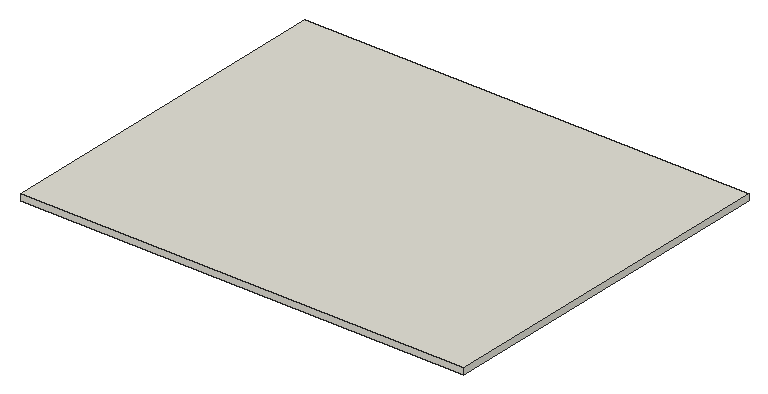
Revit family "Haworth_BeHold_CommonTop", category Furniture Systems, Revit 2018
Family settings
  Round Connector Dimension = Use Diameter
  Part Type = Normal
  OmniClass Number = 23.40.70.14.64.21
  OmniClass Title = Systems Furniture
  Work Plane-Based = No
  Always vertical = Yes
  Cut with Voids When Loaded = No
  Shared = No
  Room Calculation Point = No
Parameters (values of type "48d 60w")
  Width = 60"
  Warranty = "http://www.haworth.com/resources/product-info/warranties"
  URL - Product = "https://www.haworth.com/na/en/products/active-storage/be-hold.html"
  URL = "www.haworth.com"
  Top Finish [instance] = Haworth _ Laminate _ Beige H-34
  Top Edge Finish [instance] = Haworth _ Laminate _ Beige H-34
  Thickness = if([0.75" Thick], 3/4", 1 23/128")  # 3/4"
  Sustainability Info = "https://www.haworth.com/company-info/sustainability"
  Standard Widths = "24-120 in."  # constant formula
  Size = "Verify Final Dim. w/ Haworth"  # constant formula
  Revision Number = "1"  # constant formula
  Model = "Haworth Be_Hold"  # constant formula
  Min. Width = 24"  # constant formula
  Min. Depth = 16"  # constant formula
  Max. Width = 120"  # constant formula
  Max. Depth = 48"  # constant formula
  Manufacturer = "Haworth"  # constant formula
  Description = "Haworth - Be_Hold - Common Top - 48d 60w"
  Depth = 48"
  Custom Size = not(or(and(or(Depth = 16", Depth = 24"), or(Width = 32", Width = 34", Width = 40", Width = 46", Width = 47", Width = 48", Width = 50", Width = 52", Width = 54", Width = 56", Width = 58", Width = 60", Width = 62", Width = 64", Width = 66", Width = 68", Width = 70", Width = 72", Width = 76", Width = 78", Width = 80", Width = 82", Width = 84", Width = 90", Width = 96", Width = 96", Width = 102", Width = 108", Width = 114", Width = 120")), and(or(Depth = 32", Depth = 48"), or(Width = 24", Width = 30", Width = 36", Width = 42", Width = 48", Width = 54", Width = 60", Width = 66", Width = 72", Width = 78", Width = 84", Width = 90", Width = 96", Width = 102", Width = 108", Width = 114", Width = 120"))))  # no
  Author = "Haworth (Alias)"  # constant formula
  Assembly Code = "E2020200"
  Actual Width = if(Width < Min. Width, Min. Width, if(Width > Max. Width, Max. Width, Width))  # 60"
  Actual Mounting Height = 21 1/4"
  Actual Depth = if(Depth > Max. Depth, Max. Depth, if(Depth < Min. Depth, Min. Depth, Depth))  # 48"
  Standard Depths = "16, 24, 32, 48 in."  # constant formula
  1.18" Thick = not([0.75" Thick])  # no
  0.75" Thick = yes
Reference planes (in)
  plane 1: z = 0
  plane 2 "Center L/R": x = -6.17556
  plane 3 "Center F/B": y = -11.5
  plane 4 "Top of top": z = 22
  plane 5 "Back": y = 12.5
  plane 6 "Front": y = -35.5
  plane 7 "Left": x = -36.17556
  plane 8 "Right": x = 23.82444
  plane 9 "Bottom of top": z = 21.25
Forms (in)
  Extrusion 1, solid, material "Haworth _ Laminate _ Beige H-34" <- "Top Finish"
    sketch origin (0, 0, 0) x (1, 0, 0) y (0, 1, 0)
      loop
        line (-36.17556, 12.5) -> (-36.17556, -35.5) -> (23.82444, -35.5) -> (23.82444, 12.5) -> (-36.17556, 12.5)
    from 21.25 to 22
Lines and regions (in)
  Masking region 1
    outline origin (0, 0, 0) x (1, 0, 0) y (0, 1, 0)
      loop
        line (-36.17556, 12.5) -> (-36.17556, -35.5) -> (23.82444, -35.5) -> (23.82444, 12.5) -> (-36.17556, 12.5)
Dimensions and locks (in)
  equal spacing: plane 5 "Back", plane 3 "Center F/B", plane 6 "Front"
  "Actual Depth": plane 5 "Back" to plane 6 "Front"
  equal spacing: plane 7 "Left", plane 2 "Center L/R", plane 8 "Right"
  "Actual Width": plane 7 "Left" to plane 8 "Right"
  "Thickness": plane 4 "Top of top" to plane 9 "Bottom of top"
  "Actual Mounting Height": plane 9 "Bottom of top" to plane 1
  aligned and locked: plane 8 "Right" to Extrusion 1 sketch curve
  aligned and locked: plane 7 "Left" to Extrusion 1 sketch curve
  aligned and locked: plane 6 "Front" to Extrusion 1 sketch curve
  aligned and locked: Extrusion 1 sketch curve to plane 5 "Back"
  aligned and locked: plane 4 "Top of top" to Extrusion 1
  aligned and locked: Extrusion 1 to plane 9 "Bottom of top"
  aligned and locked: plane 8 "Right" to Masking region 1 sketch curve
  aligned and locked: Masking region 1 sketch curve to plane 5 "Back"
  aligned and locked: plane 7 "Left" to Masking region 1 sketch curve
  aligned and locked: plane 6 "Front" to Masking region 1 sketch curve
